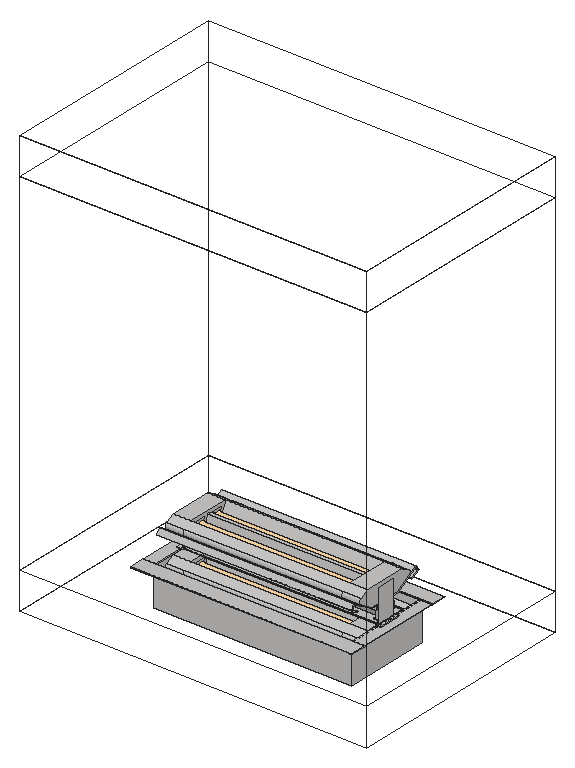
Revit family "Heater-BERKO-VRP_VRS_Series_Infrared", category Mechanical Equipment, host Face, Revit 2020
Family settings
  Host = Face
  Round Connector Dimension = Use Diameter
  Classification = None
  Part Type = Normal
  Cut with Voids When Loaded = No
  Shared = No
  Room Calculation Point = No
Parameters (values of type "VRS4 - 2 Bulbs - 017 kW - 208 V")
  Wire Guards = "Included or Not Included"  # constant formula
  Width = 1' - 7 7/8"
  Watts = 1700 W
  Voltage = 480 V
  Version = "2020 - v1.0b"  # constant formula
  Unit Finish = "Bronze, Brushed Stainless Steel or Custom"  # constant formula
  URL = "https://www.marleymep.com/"
  Total Heating Capacity = 5800.0 Btu/h
  To Floor Clearance = 7' - 0"  # constant formula
  Side Walls Clearance = 2' - 0"  # constant formula
  Reflection Angle = "30° Symmetrical, 60° Symmetrical, 60° Asymmetrical and 90° Symmetrical"  # constant formula
  Recessed Trim Mounting 3 Elements [instance] = no
  Recessed Trim Mounting 2 Elements [instance] = yes
  Recessed Trim Kit Finish = "Bronze, Brushed Stainless Steel, White or Custom"  # constant formula
  Recessed Trim Kit = "Included or Not Included"  # constant formula
  Product Page URL = "https://www.marleymep.com/products/berko/vrpvrs-series-infrared-heater"
  Product Name = "VRP/VRS Series - Infrared Heater"  # constant formula
  Product Generation = "C"  # constant formula
  Product Documentation Link = "https://www.marleymep.com/system/files/node/file/field-file/Submittal_VRP-VRS-RadiantHeat-B_2024-06_v2-PrintReady.pdf"
  Power Factor = 1  # constant formula
  Phase = 1  # constant formula
  Number of Poles = 1  # constant formula
  Mounting Bracket = "Wall Bracket, Tilt Bracket or Not Included"  # constant formula
  Model = "VRS4"
  Material [instance] = Metal - Stainless Steel - Bronze
  Manufacturer = "Marley® Engineered Products"  # constant formula
  Length = 3' - 10 3/8"
  Layout = "Custom"  # constant formula
  Instruction Sheet Link = "https://www.marleymep.com/system/files/node/file/field-file/5200-2475-000_2_0.pdf"
  Height = 0' - 8 17/32"
  Elements Type = "2 Elements"
  Description = "Infrared Heater"  # constant formula
  Default Elevation = 0' - 0 3/16"
  Copyright = "© 2015-2024, Marley Engineered Products"  # constant formula
  Clearance [instance] = yes
  Ceiling Clearance = 0' - 6"  # constant formula
  C_ 3 Element Recessed Trim Kit [instance] = Recessed Trim Mounting 3 Elements  # no
  C_ 2 Element Recessed Trim Kit [instance] = Recessed Trim Mounting 2 Elements  # yes
  Bulb Sleeves = "Included or Not Included"  # constant formula
  Bulb Quantity = 2
  Bulb Material = "Metal Sheath , Quartz Tube and Quartz Lamp"  # constant formula
  Brand = "QMark"  # constant formula
  Between Heaters Clearance = 3' - 0"  # constant formula
  Adjustable Tilt Mounting Bracket 3 Elements [instance] = no
  Adjustable Tilt Mounting Bracket 2 Elements [instance] = yes
  C_ 3 Element Type [instance] = Adjustable Tilt Mounting Bracket 3 Elements  # no
  C_ 2 Element Type [instance] = Adjustable Tilt Mounting Bracket 2 Elements  # yes
Reference planes (in)
  plane 1 "Center (Front/Back)": y = 0
  plane 2: z = 0
  plane 3 "Center (Left/Right)": x = 0
  plane 4: z = 0.1875
  plane 5: x = -23.1875
  plane 6: x = 23.1875
  plane 7: z = 0.1875
  plane 8: z = -8.53125
  plane 9: z = -9.15625
Forms (in)
  Extrusion 1, solid, material "Metal - Stainless Steel - Bronze", visible <- "C_ 2 Element Recessed Trim Kit"
    sketch origin (0, 0, -9.09073) x (1, 0, 0) y (0, 1, 0)
      loop
        line (-26.25, 13.78125) -> (-26.25, 10.0625) -> (26.25, 10.0625) -> (26.25, 13.78125) -> (-26.25, 13.78125)
      loop
        line (-26.25, -13.78125) -> (26.25, -13.78125) -> (26.25, -10.0625) -> (-26.25, -10.0625) -> (-26.25, -13.78125)
      loop
        line (-23.28125, 9.9375) -> (-26.25, 9.9375) -> (-26.25, -9.9375) -> (-23.28125, -9.9375) -> (-23.28125, 9.9375)
      loop
        line (23.28125, 9.9375) -> (23.28125, -9.9375) -> (26.25, -9.9375) -> (26.25, 9.9375) -> (23.28125, 9.9375)
    from 9.09073 to 9.27823
  Extrusion 2, solid, material "Metal - Stainless Steel - Bronze", visible <- "C_ 3 Element Recessed Trim Kit"
    sketch origin (0, 0, -9.21875) x (1, 0, 0) y (0, 1, 0)
      loop
        line (-23.3125, -12.3125) -> (-26.25, -12.3125) -> (-26.25, -17.375) -> (26.25, -17.375) -> (26.25, -12.3125) -> (23.3125, -12.3125) -> (-23.3125, -12.3125)
      loop
        line (-23.3125, 12.1875) -> (-26.25, 12.1875) -> (-26.25, -12.1875) -> (-23.3125, -12.1875) -> (-23.3125, 12.1875)
      loop
        line (23.3125, 12.3125) -> (26.25, 12.3125) -> (26.25, 17.375) -> (-26.25, 17.375) -> (-26.25, 12.3125) -> (-23.3125, 12.3125) -> (23.3125, 12.3125)
      loop
        line (23.3125, 12.1875) -> (23.3125, -12.1875) -> (26.25, -12.1875) -> (26.25, 12.1875) -> (23.3125, 12.1875)
    from 9.21875 to 9.34375
  Extrusion 3, solid, material "Metal - Stainless Steel - Bronze", visible <- "Adjustable Tilt Mounting Bracket 2 Elements"
    sketch origin (0, 0, 0) x (1, 0, 0) y (0, 1, 0)
      loop
        line (23.1875, -2.68191) -> (24.1875, -2.68191) -> (24.1875, 2.68191) -> (23.1875, 2.68191) -> (23.1875, -2.68191)
    from 0 to 0.1875
  Extrusion 4, solid, material "Metal - Stainless Steel - Bronze", visible <- "Adjustable Tilt Mounting Bracket 2 Elements"
    sketch origin (0, 0, 0) x (-1, 0, 0) y (0, -1, 0)
      loop
        line (23.1875, 2.68191) -> (23.1875, -2.68191) -> (24.1875, -2.68191) -> (24.1875, 2.68191) -> (23.1875, 2.68191)
    from 0 to 0.1875
  Extrusion 5, solid, material "Metal - Stainless Steel - Bronze", visible <- "Adjustable Tilt Mounting Bracket 2 Elements"
    sketch origin (0, 0, 0) x (1, 0, 0) y (0, 1, 0)
      loop
        line (-23.1875, 2.12959) -> (-23.1875, -2.12959) -> (23.1875, -2.12959) -> (23.1875, 2.12959) -> (-23.1875, 2.12959)
    from 0 to 0.1875
  Extrusion 6, solid, material "Metal - Stainless Steel - Bronze", visible <- "C_ 2 Element Recessed Trim Kit"
    sketch origin (0, 0, -18.30645) x (1, 0, 0) y (0, 1, 0)
      loop
        line (-23.28125, -10.0625) -> (23.28125, -10.0625) -> (23.28125, 10.0625) -> (-23.28125, 10.0625) -> (-23.28125, -10.0625)
      loop
        line (23.53125, 10.3125) -> (-23.53125, 10.3125) -> (-23.53125, -10.3125) -> (23.53125, -10.3125) -> (23.53125, 10.3125)
    from 9.21573 to 18.30645
  Extrusion 7, solid, material "Metal - Stainless Steel - Bronze", visible <- "C_ 3 Element Recessed Trim Kit"
    sketch origin (0, 0, -9.21875) x (1, 0, 0) y (0, 1, 0)
      loop
        line (-23.3125, 12.3125) -> (-23.3125, -12.3125) -> (23.3125, -12.3125) -> (23.3125, 12.3125) -> (-23.3125, 12.3125)
      loop
        line (-23.5625, 12.5625) -> (-23.5625, -12.5625) -> (23.5625, -12.5625) -> (23.5625, 12.5625) -> (-23.5625, 12.5625)
    from 0 to 9.21875
Dimensions and locks (in)
  "Length": plane 5 to plane 6
  equal spacing: plane 5, plane 3 "Center (Left/Right)", plane 6
  "Width": Extrusion 1 sketch curve to Extrusion 1 sketch curve  (x2)
  equal spacing: Extrusion 1 sketch curve, plane 1 "Center (Front/Back)", Extrusion 1 sketch curve  (x2)
  locked: plane 6 to Extrusion 3 at 1
  locked: Extrusion 4 to plane 5 at 1
  aligned and locked: plane 2 to host face
  aligned and locked: level to host face
  aligned and locked: Extrusion 3 to plane 6
  aligned and locked: Extrusion 4 to plane 5
  aligned and locked: plane 6 to Extrusion 5
  aligned and locked: plane 5 to Extrusion 5
  aligned and locked: Extrusion 5 to plane 4
  aligned and locked: Extrusion 6 to Extrusion 1
  aligned and locked: Extrusion 7 to Extrusion 2
  aligned and locked: Extrusion 1 to plane 4
Automatic sketch dimensions
  host sketch curve to host sketch curve = 8' - 0"  (x2)
  plane 5 to Extrusion 2 sketch curve = 0' - 3 1/16"  (x3)
  plane 5 to Extrusion 2 sketch curve = 0' - 0 1/8"  (x3)
  plane 6 to Extrusion 2 sketch curve = 0' - 0 1/8"  (x2)
  Extrusion 2 sketch curve to Extrusion 2 sketch curve = 0' - 0"  (x2)
  Extrusion 2 sketch curve to Extrusion 2 sketch curve = 0' - 2 15/16"
  plane 6 to Extrusion 2 sketch curve = 0' - 3 1/16"
  Extrusion 2 sketch curve to Extrusion 2 sketch curve = 0' - 0 1/8"  (x3)
  Extrusion 2 sketch curve to Extrusion 2 sketch curve = 0' - 5 1/16"  (x2)
  Extrusion 3 sketch curve to plane 6 = 0' - 0"
  plane 6 to Extrusion 3 sketch curve = 0' - 1"
  plane 1 "Center (Front/Back)" to Extrusion 3 sketch curve = 0' - 2.68191"
  Extrusion 4 sketch curve to plane 5 = 0' - 0"
  Extrusion 4 sketch curve to plane 5 = 0' - 1"
  Extrusion 4 sketch curve to plane 1 "Center (Front/Back)" = 0' - 2.68191"
  Extrusion 5 sketch curve to plane 5 = 0' - 0"
  plane 6 to Extrusion 5 sketch curve = 0' - 0"
  plane 1 "Center (Front/Back)" to Extrusion 5 sketch curve = 0' - 2.12959"
  plane 5 to Extrusion 6 sketch curve = 0' - 0 3/32"
  plane 6 to Extrusion 6 sketch curve = 0' - 0 3/32"
  Extrusion 6 sketch curve to Extrusion 6 sketch curve = 0' - 0 1/4"  (x4)
  plane 5 to Extrusion 7 sketch curve = 0' - 0 1/8"
  plane 6 to Extrusion 7 sketch curve = 0' - 0 1/8"
  Extrusion 7 sketch curve to Extrusion 7 sketch curve = 0' - 0 1/4"  (x4)
  plane 1 "Center (Front/Back)" to Extrusion 2 sketch curve = 1' - 0 3/16"
  plane 1 "Center (Front/Back)" to Extrusion 6 sketch curve = 0' - 10 1/16"
  plane 1 "Center (Front/Back)" to Extrusion 7 sketch curve = 1' - 0 5/16"
  Extrusion 2 sketch curve to plane 1 "Center (Front/Back)" = 1' - 0 3/16"  (x2)
  Extrusion 3 sketch curve to plane 1 "Center (Front/Back)" = 0' - 2.68191"
  plane 1 "Center (Front/Back)" to Extrusion 4 sketch curve = 0' - 2.68191"
  Extrusion 5 sketch curve to plane 1 "Center (Front/Back)" = 0' - 2.12959"
  Extrusion 6 sketch curve to plane 1 "Center (Front/Back)" = 0' - 10 1/16"
  Extrusion 7 sketch curve to plane 1 "Center (Front/Back)" = 1' - 0 5/16"
  plane 5 to Extrusion 1 sketch curve = 0' - 3 1/16"  (x2)
  Extrusion 1 sketch curve to Extrusion 1 sketch curve = 0' - 0"  (x2)
  plane 5 to Extrusion 1 sketch curve = 0' - 0 3/32"
  plane 6 to Extrusion 1 sketch curve = 0' - 0 3/32"
  plane 6 to Extrusion 1 sketch curve = 0' - 3 1/16"  (x2)
  Extrusion 1 sketch curve to Extrusion 1 sketch curve = 0' - 0 1/8"  (x2)
  Extrusion 1 sketch curve to Extrusion 1 sketch curve = 0' - 3 23/32"  (x2)
Nested families (in)
  nested 1: "Infrared_Heater-QMark-2_Element-Nested" at (0, 0, 0.1875), visible <- "C_ 2 Element Type", Clearance <- "Clearance", type "24""
    with Clearance yes, Length 3' - 10 3/8"
  nested 2: "Infrared_Heater-QMark-3_Element-Nested" at (0, 0, 0.1875), visible <- "C_ 3 Element Type", Clearance <- "Clearance", type "24""
    with Clearance yes, Length 3' - 10 3/8"
  nested 3: "Infrared_Heater-QMark-3_Element-Nested" at (0, 0, -9.15625), visible <- "C_ 3 Element Recessed Trim Kit", Clearance <- "Clearance", type "24""
    with Clearance yes, Length 3' - 10 3/8"
  nested 4: "Infrared_Heater-QMark-2_Element-Nested" at (0, 0, -8.53125), visible <- "C_ 2 Element Recessed Trim Kit", Clearance <- "Clearance", type "24""
    with Clearance yes, Length 3' - 10 3/8"
Definition of nested family "Infrared_Heater-QMark-2_Element-Nested"
  Parameters (values of type "24"")
    Material - Infrared Heater = none
    Material - Casing = none
    Material = none
    Length = 2' - 9 3/8"
    Height = 0' - 8 17/32"  # constant formula
    Depth = 1' - 7 7/8"  # constant formula
    Default Elevation = 4' - 0"
    Clearance [instance] = yes
  Reference planes (in)
    plane 1 "Center (Front/Back)": y = 0
    plane 2: z = 0
    plane 3 "Center (Left/Right)": x = 0
    plane 4: x = -16.6875
    plane 5: x = 16.6875
    plane 6: y = 9.9375
    plane 7: y = -9.9375
    plane 8: z = 8.53125
    plane 9: z = 92.53125
  Forms (in)
    Extrusion 1, solid
      sketch origin (0, 0, 0) x (1, 0, 0) y (0, 1, 0)
        loop
          line (-48, 48) -> (-48, -48) -> (48, -48) -> (48, 48) -> (-48, 48)
      from 0 to -12
    Extrusion 2, solid, material <- "Material - Casing"
      sketch origin (0, -314.04011, -34.80903) x (0, 1, 0) y (0, 0, 1)
        loop
          line (316.16969, 42.49653) -> (311.91052, 42.49653) -> (311.91052, 34.80903) -> (316.16969, 34.80903) -> (316.16969, 42.49653)
      from 16.5625 to 16.6875
    Extrusion 3, solid, material <- "Material - Casing"
      sketch origin (0, -314.04011, -34.80903) x (0, 1, 0) y (0, 0, -1)
        loop
          line (316.16969, -42.49653) -> (316.16969, -34.80903) -> (311.91052, -34.80903) -> (311.91052, -42.49653) -> (316.16969, -42.49653)
      from 16.5625 to 16.6875
    Extrusion 4, solid, material <- "Material - Casing", detail levels fine
      sketch origin (0, -314.04011, 42.53025) x (0, 1, 0) y (0, 0, 1)
        loop
          line (311.79898, -41.6486) -> (316.28123, -41.6486) -> (316.72202, -41.20781) -> (316.72202, -39.79341) -> (316.2914, -39.3628) -> (311.78881, -39.3628) -> (311.3582, -39.79341) -> (311.3582, -41.20781) -> (311.79898, -41.6486)
      from 16.4375 to 16.5625
    Extrusion 5, solid, material <- "Material - Casing", detail levels fine
      sketch origin (-5.8125, -314.04011, 42.53025) x (0, 1, 0) y (0, 0, -1)
        loop
          line (311.79898, 41.6486) -> (311.3582, 41.20781) -> (311.3582, 39.79341) -> (311.78881, 39.3628) -> (316.2914, 39.3628) -> (316.72202, 39.79341) -> (316.72202, 41.20781) -> (316.28123, 41.6486) -> (311.79898, 41.6486)
      from 10.625 to 10.75
    Extrusion 6, solid, material <- "Material - Casing", detail levels fine
      sketch origin (0, 0, -2.1608) x (1, 0, 0) y (0, 1, 0)
        loop
          line (16.4375, 2.2513) -> (15.6875, 2.2513) -> (15.6875, -2.2513) -> (16.4375, -2.2513) -> (16.4375, 2.2513)
      from 3.04245 to 3.16745
    Extrusion 7, solid, material <- "Material - Casing", detail levels fine
      sketch origin (0, 0, -2.1608) x (-1, 0, 0) y (0, -1, 0)
        loop
          line (16.4375, -2.2513) -> (16.4375, 2.2513) -> (15.6875, 2.2513) -> (15.6875, -2.2513) -> (16.4375, -2.2513)
      from 3.04245 to 3.16745
    Extrusion 8, solid, material <- "Material - Casing"
      sketch origin (0, -314.04011, 42.53025) x (0, 1, 0) y (0, 0, 1)
        loop
          line (312.28881, -39.3628) -> (312.28881, -40.1128) -> (312.94839, -41.4611) -> (315.13183, -41.4611) -> (315.7914, -40.1128) -> (315.7914, -39.3628) -> (312.28881, -39.3628)
      from -16.4375 to 16.4375
    Extrusion 9, solid, material <- "Material - Casing", detail levels fine
      sketch origin (0, -314.04011, 42.53025) x (0, 1, 0) y (0, 0, 1)
        loop
          line (310.25016, -38.43037) -> (317.83006, -38.43037) -> (323.24272, -35.30537) -> (323.79885, -36.26861) -> (322.0668, -37.26861) -> (322.1293, -37.37687) -> (323.9696, -36.31437) -> (323.28847, -35.13462) -> (317.79657, -38.30537) -> (310.28365, -38.30537) -> (304.79174, -35.13462) -> (304.11062, -36.31437) -> (305.95092, -37.37687) -> (306.01342, -37.26861) -> (304.28137, -36.26861) -> (304.8375, -35.30537) -> (310.25016, -38.43037)
      from -16.5625 to 16.5625
    Extrusion 10, solid, material <- "Material", detail levels fine
      sketch origin (0, 0, 0) x (1, 0, 0) y (0, 1, 0)
        loop
          circle (-14.0625, 0) r 0.75
      from 3.16745 to 4.09988
    Extrusion 11, solid, material <- "Material", detail levels fine
      sketch origin (0, 0, 0) x (-1, 0, 0) y (0, -1, 0)
        loop
          circle (-14.0625, 0) r 0.75
      from 3.16745 to 4.09988
    Extrusion 12, solid, material <- "Material - Casing", detail levels fine
      sketch origin (0, 314.04011, 42.53025) x (0, -1, 0) y (0, 0, -1)
        loop
          line (317.79657, 38.30537) -> (310.28365, 38.30537) -> (306.81955, 36.30537)
          arc (306.81955, 36.30537) -> (306.62587, 35.63658) -> (307.03661, 35.07437) r 0.7899
          line (307.03661, 35.07437) -> (308.9253, 33.93953) -> (310.33601, 36.52982)
          arc (310.33601, 36.52982) -> (311.74101, 37.45082) -> (313.14601, 36.52982) r 1.53219
          line (313.14601, 36.52982) -> (313.52763, 34.56657) -> (314.55258, 34.56657) -> (314.9342, 36.52982)
          arc (314.9342, 36.52982) -> (316.33921, 37.45082) -> (317.74421, 36.52982) r 1.53219
          line (317.74421, 36.52982) -> (319.15492, 33.93953) -> (321.04361, 35.07437)
          arc (321.04361, 35.07437) -> (321.45435, 35.63658) -> (321.26067, 36.30537) r 0.7899
          line (321.26067, 36.30537) -> (317.79657, 38.30537)
      from -12.34375 to 12.34375
    Extrusion 13, solid, material <- "Material - Casing", detail levels fine
      sketch origin (0, 314.04011, 42.53025) x (0, -1, 0) y (0, 0, -1)
        loop
          line (317.79657, 38.30537) -> (310.28365, 38.30537) -> (306.81955, 36.30537)
          arc (306.81955, 36.30537) -> (306.62587, 35.63658) -> (307.03661, 35.07437) r 0.7899
          line (307.03661, 35.07437) -> (308.9253, 33.93953) -> (319.15492, 33.93953) -> (321.04361, 35.07437)
          arc (321.04361, 35.07437) -> (321.45435, 35.63658) -> (321.26067, 36.30537) r 0.7899
          line (321.26067, 36.30537) -> (317.79657, 38.30537)
      from 12.34375 to 16.5625
    Extrusion 14, solid, material <- "Material - Casing", detail levels fine
      sketch origin (0, 314.04011, 42.53025) x (0, -1, 0) y (0, 0, 1)
        loop
          line (317.79657, -38.30537) -> (321.26067, -36.30537)
          arc (321.26067, -36.30537) -> (321.45435, -35.63658) -> (321.04361, -35.07437) r 0.7899
          line (321.04361, -35.07437) -> (319.15492, -33.93953) -> (308.9253, -33.93953) -> (307.03661, -35.07437)
          arc (307.03661, -35.07437) -> (306.62587, -35.63658) -> (306.81955, -36.30537) r 0.7899
          line (306.81955, -36.30537) -> (310.28365, -38.30537) -> (317.79657, -38.30537)
      from 12.34375 to 16.5625
    Extrusion 15, solid, material <- "Material - Casing", detail levels fine
      sketch origin (0, -484.85438, 11.63132) x (0, 1, 0) y (0, 0, 1)
        loop
          line (481.23273, -3.84586) -> (481.23273, -4.34586) -> (481.98273, -4.34586) -> (481.98273, -5.01339) -> (482.73273, -5.01339) -> (482.73273, -4.34586) -> (483.48273, -4.34586) -> (483.48273, -3.84586) -> (481.23273, -3.84586)
        loop
          line (488.33635, -3.84586) -> (486.08635, -3.84586) -> (486.08635, -4.34586) -> (486.83635, -4.34586) -> (486.83635, -5.01339) -> (487.58635, -5.01339) -> (487.58635, -4.34586) -> (488.33635, -4.34586) -> (488.33635, -3.84586)
      from 12.21875 to 12.34375
    Extrusion 16, solid, material <- "Material", detail levels fine
      sketch origin (0, -484.85438, 11.63132) x (0, 1, 0) y (0, 0, -1)
        loop
          line (481.23273, 3.84586) -> (483.48273, 3.84586) -> (483.48273, 4.34586) -> (482.73273, 4.34586) -> (482.73273, 5.01339) -> (481.98273, 5.01339) -> (481.98273, 4.34586) -> (481.23273, 4.34586) -> (481.23273, 3.84586)
        loop
          line (488.33635, 3.84586) -> (488.33635, 4.34586) -> (487.58635, 4.34586) -> (487.58635, 5.01339) -> (486.83635, 5.01339) -> (486.83635, 4.34586) -> (486.08635, 4.34586) -> (486.08635, 3.84586) -> (488.33635, 3.84586)
      from 12.21875 to 12.34375
    Extrusion 17, solid, material <- "Material - Infrared Heater"
      sketch origin (0, -484.85438, 11.63132) x (0, 1, 0) y (0, 0, 1)
        loop
          circle (482.35773, -5.01339) r 0.75
        loop
          circle (487.21135, -5.01339) r 0.75
      from -12.21875 to 12.21875
    Extrusion 18, solid, visible <- "Clearance"
      sketch origin (0, 0, 0) x (1, 0, 0) y (0, 1, 0)
        loop
          line (-34.6875, 27.9375) -> (-34.6875, -27.9375) -> (34.6875, -27.9375) -> (34.6875, 27.9375) -> (-34.6875, 27.9375)
      from 0 to 92.53125
    Extrusion 19, solid, material <- "Material - Casing", detail levels coarse+medium
      sketch origin (0, 0, 0) x (0, 1, 0) y (0, 0, 1)
        loop
          line (-5.11481, 8.59073) -> (-7.49638, 7.21573) -> (-7.49638, 6.38412) -> (-3.75646, 4.22488) -> (3.75646, 4.22488) -> (7.49638, 6.38412) -> (7.49638, 7.21573) -> (5.11481, 8.59073) -> (-5.11481, 8.59073)
      from -16.5625 to 16.5625
    Extrusion 20, void
      sketch origin (0, 0, 0) x (1, 0, 0) y (0, 1, 0)
        loop
          line (-12.34375, 5.11481) -> (-12.34375, 0.51248) -> (12.34375, 0.51248) -> (12.34375, 5.11481) -> (-12.34375, 5.11481)
      from 5.82635 to 8.59073
    Extrusion 21, void
      sketch origin (0, 0, 0) x (1, 0, 0) y (0, 1, 0)
        loop
          line (-12.34375, -5.11481) -> (12.34375, -5.11481) -> (12.34375, -0.51248) -> (-12.34375, -0.51248) -> (-12.34375, -5.11481)
      from 5.82635 to 8.59073
    Extrusion 22, solid, material <- "Material - Casing", detail levels coarse+medium
      sketch origin (0, 0, 0) x (0, 1, 0) y (0, 0, 1)
        loop
          line (-9.24836, 7.39563) -> (-9.31086, 7.28738) -> (-3.78995, 4.09988) -> (3.78995, 4.09988) -> (9.31086, 7.28738) -> (9.24836, 7.39563) -> (3.75646, 4.22488) -> (-3.75646, 4.22488) -> (-9.24836, 7.39563)
      from -16.5625 to 16.5625
  Cuts and joins
    joined: Extrusion 4, Extrusion 6
    joined: Extrusion 12, Extrusion 13, Extrusion 14
    Extrusion 20, Extrusion 21 cuts Extrusion 19
  Dimensions and locks (in)
    "Length": plane 4 to plane 5
    "Depth": plane 6 to plane 7
    "Height": plane 8 to Extrusion 1
    locked: Extrusion 2 to plane 5 at 0.125
    locked: plane 4 to Extrusion 3 at 0.125
    equal spacing: plane 4, plane 3 "Center (Left/Right)", plane 5
    locked: Extrusion 4 to Extrusion 4 at 0.125
    locked: Extrusion 6 to Extrusion 6 at 0.75
    locked: Extrusion 3 to Extrusion 5 at 0.125
    locked: Extrusion 5 to Extrusion 7 at 0.75
    locked: plane 4 to Extrusion 10 sketch curve at 2.625
    locked: Extrusion 11 sketch curve to plane 5 at 2.625
    locked: Extrusion 13 to plane 5 at 4.34375
    locked: plane 4 to Extrusion 14 at 4.34375
    locked: Extrusion 15 to cut or joined group of Extrusion 12, Extrusion 13, Extrusion 14 at 0.125
    locked: cut or joined group of Extrusion 12, Extrusion 13, Extrusion 14 to Extrusion 16 at 0.125
    locked: Extrusion 18 sketch curve to plane 4 at 18
    locked: plane 5 to Extrusion 18 sketch curve at 18
    locked: plane 4 to Extrusion 20 at 4.34375
    locked: Extrusion 20 to plane 5 at 4.34375
    locked: plane 4 to Extrusion 21 at 4.34375
    locked: Extrusion 21 to plane 5 at 4.34375
    aligned and locked: plane 2 to Extrusion 1
    aligned and locked: level to Extrusion 1
    aligned and locked: plane 5 to Extrusion 2
    aligned and locked: Extrusion 3 to plane 4
    aligned and locked: Extrusion 4 to Extrusion 2
    aligned and locked: Extrusion 5 to Extrusion 3
    aligned and locked: Extrusion 8 to cut or joined group of Extrusion 4, Extrusion 6
    aligned and locked: Extrusion 8 to Extrusion 5
    aligned and locked: Extrusion 9 to Extrusion 3
    aligned and locked: Extrusion 9 to Extrusion 2
    aligned and locked: Extrusion 5 to Extrusion 10
    aligned and locked: Extrusion 10 to Extrusion 9
    aligned and locked: Extrusion 13 to Extrusion 2
    aligned and locked: Extrusion 14 to Extrusion 3
    aligned and locked: Extrusion 12 to Extrusion 14
    aligned and locked: Extrusion 12 to Extrusion 13
    aligned and locked: Extrusion 15 to cut or joined group of Extrusion 12, Extrusion 13, Extrusion 14
    aligned and locked: Extrusion 16 to cut or joined group of Extrusion 12, Extrusion 13, Extrusion 14
    aligned and locked: Extrusion 17 to Extrusion 15
    aligned and locked: Extrusion 17 to Extrusion 16
    aligned and locked: Extrusion 18 to level
    aligned and locked: Extrusion 19 to Extrusion 2
    aligned and locked: Extrusion 19 to Extrusion 3
    aligned and locked: Extrusion 22 to Extrusion 2
    aligned and locked: Extrusion 22 to Extrusion 3
    aligned and locked: plane 9 to Extrusion 18
  Automatic sketch dimensions
    Extrusion 1 sketch curve to Extrusion 1 sketch curve = 8' - 0"  (x2)
    Extrusion 2 sketch curve to level = 0' - 0"
    Extrusion 2 sketch curve to plane 8 = 0' - 0 27/32"
    plane 1 "Center (Front/Back)" to Extrusion 2 sketch curve = 0' - 2.12959"
    Extrusion 2 sketch curve to plane 1 "Center (Front/Back)" = 0' - 2.12959"
    Extrusion 3 sketch curve to level = 0' - 0"
    Extrusion 3 sketch curve to plane 8 = 0' - 0 27/32"
    plane 1 "Center (Front/Back)" to Extrusion 3 sketch curve = 0' - 2.12959"
    Extrusion 3 sketch curve to plane 1 "Center (Front/Back)" = 0' - 2.12959"
    Extrusion 4 sketch curve to level = 0' - 1.32244"
    Extrusion 4 sketch curve to plane 1 "Center (Front/Back)" = 0' - 2.68191"
    Extrusion 4 sketch curve to Extrusion 4 sketch curve = 0' - 0.43061"  (x3)
    Extrusion 4 sketch curve to level = 0' - 0.88165"
    Extrusion 4 sketch curve to Extrusion 4 sketch curve = 0' - 0.44078"  (x2)
    plane 1 "Center (Front/Back)" to Extrusion 4 sketch curve = 0' - 2.24112"
    plane 1 "Center (Front/Back)" to Extrusion 4 sketch curve = 0' - 2.2513"
    Extrusion 4 sketch curve to Extrusion 4 sketch curve = 0' - 1.85519"
    Extrusion 4 sketch curve to Extrusion 4 sketch curve = 0' - 1.4144"
    level to Extrusion 5 sketch curve = 0' - 1.32244"
    plane 1 "Center (Front/Back)" to Extrusion 5 sketch curve = 0' - 2.68191"
    Extrusion 5 sketch curve to Extrusion 5 sketch curve = 0' - 0.43061"  (x3)
    level to Extrusion 5 sketch curve = 0' - 0.88165"
    Extrusion 5 sketch curve to Extrusion 5 sketch curve = 0' - 0.44078"  (x2)
    Extrusion 5 sketch curve to plane 1 "Center (Front/Back)" = 0' - 2.24112"
    Extrusion 5 sketch curve to plane 1 "Center (Front/Back)" = 0' - 2.2513"
    Extrusion 5 sketch curve to Extrusion 5 sketch curve = 0' - 1.85519"
    Extrusion 5 sketch curve to Extrusion 5 sketch curve = 0' - 1.4144"
    Extrusion 6 sketch curve to plane 5 = 0' - 1"
    Extrusion 6 sketch curve to plane 5 = 0' - 0 1/4"
    plane 1 "Center (Front/Back)" to Extrusion 6 sketch curve = 0' - 2.2513"
    Extrusion 6 sketch curve to plane 1 "Center (Front/Back)" = 0' - 2.2513"
    Extrusion 7 sketch curve to plane 4 = 0' - 1"
    Extrusion 7 sketch curve to plane 4 = 0' - 0 1/4"
    Extrusion 7 sketch curve to plane 1 "Center (Front/Back)" = 0' - 2.2513"
    plane 1 "Center (Front/Back)" to Extrusion 7 sketch curve = 0' - 2.2513"
    Extrusion 8 sketch curve to plane 1 "Center (Front/Back)" = 0' - 1.7513"
    Extrusion 8 sketch curve to plane 1 "Center (Front/Back)" = 0' - 1.09172"
    plane 1 "Center (Front/Back)" to Extrusion 8 sketch curve = 0' - 1.09172"
    Extrusion 8 sketch curve to Extrusion 8 sketch curve = 0' - 0.65957"
    Extrusion 8 sketch curve to level = 0' - 3.16745"
    Extrusion 8 sketch curve to Extrusion 8 sketch curve = 0' - 0 3/4"  (x2)
    Extrusion 8 sketch curve to level = 0' - 1.06915"
    plane 7 to Extrusion 9 sketch curve = 0' - 0.00801"
    Extrusion 9 sketch curve to Extrusion 9 sketch curve = 0' - 0.17075"  (x2)
    plane 7 to Extrusion 9 sketch curve = 0' - 0.68914"
    Extrusion 9 sketch curve to Extrusion 9 sketch curve = 0' - 0.04575"  (x2)
    plane 7 to Extrusion 9 sketch curve = 0' - 1.84831"
    Extrusion 9 sketch curve to Extrusion 9 sketch curve = 0' - 0 1/16"  (x2)
    Extrusion 9 sketch curve to plane 1 "Center (Front/Back)" = 0' - 3.78995"
    Extrusion 9 sketch curve to Extrusion 9 sketch curve = 0' - 0.03349"  (x2)
    plane 1 "Center (Front/Back)" to Extrusion 9 sketch curve = 0' - 3.75646"
    plane 6 to Extrusion 9 sketch curve = 0' - 1.91081"
    plane 6 to Extrusion 9 sketch curve = 0' - 0.73489"
    plane 6 to Extrusion 9 sketch curve = 0' - 0.17876"
    plane 6 to Extrusion 9 sketch curve = 0' - 0.00801"
    plane 8 to Extrusion 9 sketch curve = 0' - 1.13562"
    plane 1 "Center (Front/Back)" to Extrusion 10 sketch curve = 0' - 0"
    plane 1 "Center (Front/Back)" to Extrusion 11 sketch curve = 0' - 0"
    Extrusion 12 sketch curve to plane 6 = 0' - 2.71694"
    Extrusion 12 sketch curve to plane 8 = 0' - 1.07536"  (x2)
    Extrusion 12 sketch curve to Extrusion 12 sketch curve = 0' - 0.21706"
    Extrusion 12 sketch curve to Extrusion 12 sketch curve = 0' - 0.58423"  (x2)
    plane 8 to Extrusion 12 sketch curve = 0' - 0.05948"  (x2)
    Extrusion 12 sketch curve to Extrusion 12 sketch curve = 0' - 1.88869"
    Extrusion 12 sketch curve to plane 1 "Center (Front/Back)" = 0' - 3.75646"
    Extrusion 12 sketch curve to Extrusion 12 sketch curve = 0' - 0.05236"  (x2)
    Extrusion 12 sketch curve to Extrusion 12 sketch curve = 0' - 1.405"  (x3)
    Extrusion 12 sketch curve to plane 1 "Center (Front/Back)" = 0' - 0.89409"
    Extrusion 12 sketch curve to plane 1 "Center (Front/Back)" = 0' - 0.51248"
    plane 1 "Center (Front/Back)" to Extrusion 12 sketch curve = 0' - 0.51248"
    plane 1 "Center (Front/Back)" to Extrusion 12 sketch curve = 0' - 0.89409"
    Extrusion 12 sketch curve to plane 8 = 0' - 2.53082"
    Extrusion 12 sketch curve to Extrusion 12 sketch curve = 0' - 1.41071"
    Extrusion 12 sketch curve to Extrusion 12 sketch curve = 0' - 1.52152"
    Extrusion 12 sketch curve to Extrusion 12 sketch curve = 0' - 0.36717"
    Extrusion 12 sketch curve to plane 8 = 0' - 0.56757"
    Extrusion 12 sketch curve to Extrusion 12 sketch curve = 0' - 0.69938"  (x2)
    Extrusion 12 sketch curve to plane 8 = 0' - 1.91963"
    Extrusion 12 sketch curve to Extrusion 12 sketch curve = 0' - 0.61119"  (x2)
    Extrusion 12 sketch curve to Extrusion 12 sketch curve = 0' - 1.77555"
    Extrusion 13 sketch curve to plane 6 = 0' - 2.71694"
    Extrusion 13 sketch curve to plane 8 = 0' - 1.07536"  (x2)
    Extrusion 13 sketch curve to Extrusion 13 sketch curve = 0' - 0.21706"
    Extrusion 13 sketch curve to Extrusion 13 sketch curve = 0' - 0.58423"  (x2)
    plane 8 to Extrusion 13 sketch curve = 0' - 0.05948"
    Extrusion 13 sketch curve to Extrusion 13 sketch curve = 0' - 1.88869"
    Extrusion 13 sketch curve to plane 1 "Center (Front/Back)" = 0' - 3.75646"
    plane 1 "Center (Front/Back)" to Extrusion 13 sketch curve = 0' - 3.75646"
    Extrusion 13 sketch curve to Extrusion 13 sketch curve = 0' - 1.35835"
    Extrusion 13 sketch curve to Extrusion 13 sketch curve = 0' - 1.52152"
    Extrusion 13 sketch curve to Extrusion 13 sketch curve = 0' - 0.36717"
    Extrusion 13 sketch curve to Extrusion 13 sketch curve = 0' - 0.69938"  (x2)
    Extrusion 13 sketch curve to Extrusion 13 sketch curve = 0' - 2.53163"
    Extrusion 14 sketch curve to plane 6 = 0' - 2.71694"
    Extrusion 14 sketch curve to plane 8 = 0' - 1.07536"  (x2)
    Extrusion 14 sketch curve to Extrusion 14 sketch curve = 0' - 0.21706"
    Extrusion 14 sketch curve to Extrusion 14 sketch curve = 0' - 0.58423"  (x2)
    plane 8 to Extrusion 14 sketch curve = 0' - 0.05948"
    Extrusion 14 sketch curve to Extrusion 14 sketch curve = 0' - 1.88869"
    Extrusion 14 sketch curve to plane 1 "Center (Front/Back)" = 0' - 3.75646"
    plane 1 "Center (Front/Back)" to Extrusion 14 sketch curve = 0' - 3.75646"
    Extrusion 14 sketch curve to Extrusion 14 sketch curve = 0' - 1.35835"
    Extrusion 14 sketch curve to Extrusion 14 sketch curve = 0' - 1.52152"
    Extrusion 14 sketch curve to Extrusion 14 sketch curve = 0' - 0.36717"
    Extrusion 14 sketch curve to Extrusion 14 sketch curve = 0' - 0.69938"  (x2)
    Extrusion 14 sketch curve to Extrusion 14 sketch curve = 0' - 2.53163"
    Extrusion 15 sketch curve to plane 8 = 0' - 1.24579"
    plane 1 "Center (Front/Back)" to Extrusion 15 sketch curve = 0' - 3.62165"
    Extrusion 15 sketch curve to Extrusion 15 sketch curve = 0' - 0 3/4"  (x6)
    Extrusion 15 sketch curve to plane 1 "Center (Front/Back)" = 0' - 1.23197"
    Extrusion 15 sketch curve to plane 8 = 0' - 1.91332"
    Extrusion 15 sketch curve to Extrusion 15 sketch curve = 0' - 0.66753"  (x4)
    Extrusion 15 sketch curve to Extrusion 15 sketch curve = 0' - 0 1/2"  (x2)
    Extrusion 16 sketch curve to plane 8 = 0' - 1.24579"
    plane 1 "Center (Front/Back)" to Extrusion 16 sketch curve = 0' - 3.62165"
    Extrusion 16 sketch curve to Extrusion 16 sketch curve = 0' - 0 3/4"  (x6)
    Extrusion 16 sketch curve to plane 1 "Center (Front/Back)" = 0' - 1.23197"
    Extrusion 16 sketch curve to plane 8 = 0' - 0.74579"
    Extrusion 16 sketch curve to Extrusion 16 sketch curve = 0' - 0 1/2"  (x2)
    Extrusion 16 sketch curve to Extrusion 16 sketch curve = 0' - 0"  (x2)
    Extrusion 16 sketch curve to Extrusion 16 sketch curve = 0' - 0.66753"  (x2)
    plane 1 "Center (Front/Back)" to Extrusion 17 sketch curve = 0' - 2.49665"
    Extrusion 17 sketch curve to plane 1 "Center (Front/Back)" = 0' - 2.35697"
    Extrusion 17 sketch curve to plane 8 = 0' - 1.91332"  (x2)
    plane 7 to Extrusion 18 sketch curve = 1' - 6"
    plane 6 to Extrusion 18 sketch curve = 1' - 6"
    Extrusion 19 sketch curve to plane 7 = 0' - 2.44112"
    plane 8 to Extrusion 19 sketch curve = 0' - 0.05948"
    Extrusion 19 sketch curve to Extrusion 19 sketch curve = 0' - 2.38157"
    plane 1 "Center (Front/Back)" to Extrusion 19 sketch curve = 0' - 3.75646"
    Extrusion 19 sketch curve to plane 1 "Center (Front/Back)" = 0' - 3.75646"
    Extrusion 19 sketch curve to Extrusion 19 sketch curve = 0' - 1.35835"
    Extrusion 19 sketch curve to plane 6 = 0' - 2.44112"
    Extrusion 19 sketch curve to plane 8 = 0' - 1.31552"  (x2)
    Extrusion 19 sketch curve to Extrusion 19 sketch curve = 0' - 0.8316"  (x2)
    level to Extrusion 19 sketch curve = 0' - 4.22488"
    Extrusion 20 sketch curve to plane 1 "Center (Front/Back)" = 0' - 0.51248"
    plane 4 to Extrusion 20 sketch curve = 0' - 4 11/32"
    Extrusion 20 sketch curve to plane 5 = 0' - 4 11/32"
    Extrusion 20 sketch curve to Extrusion 20 sketch curve = 0' - 4.60234"
    Extrusion 21 sketch curve to plane 1 "Center (Front/Back)" = 0' - 0.51248"
    Extrusion 21 sketch curve to plane 4 = 0' - 4 11/32"
    plane 5 to Extrusion 21 sketch curve = 0' - 4 11/32"
    Extrusion 21 sketch curve to Extrusion 21 sketch curve = 0' - 4.60234"
    Extrusion 22 sketch curve to plane 7 = 0' - 0.62664"
    Extrusion 22 sketch curve to Extrusion 22 sketch curve = 0' - 0 1/16"  (x2)
    Extrusion 22 sketch curve to plane 1 "Center (Front/Back)" = 0' - 3.75646"
    Extrusion 22 sketch curve to plane 6 = 0' - 0.68914"
    level to Extrusion 22 sketch curve = 0' - 4.22488"
    Extrusion 22 sketch curve to plane 8 = 0' - 1.24387"  (x2)
    Extrusion 22 sketch curve to Extrusion 22 sketch curve = 0' - 0.03349"  (x2)
    radius of Extrusion 10 sketch curve = 0' - 0 3/4"
    radius of Extrusion 11 sketch curve = 0' - 0 3/4"
    radius of Extrusion 17 sketch curve = 0' - 0 3/4"  (x2)
Definition of nested family "Infrared_Heater-QMark-3_Element-Nested"
  Parameters (values of type "24"")
    Material - Infrared Heater = none
    Material - Casing = none
    Material = none
    Length = 2' - 9 3/8"
    Height = 0' - 9 5/32"  # constant formula
    Depth = 2' - 2 5/16"  # constant formula
    Default Elevation = 4' - 0"
    Clearance [instance] = yes
  Reference planes (in)
    plane 1 "Center (Front/Back)": y = 0
    plane 2: z = 0
    plane 3 "Center (Left/Right)": x = 0
    plane 4: x = 16.6875
    plane 5: x = -16.6875
    plane 6: y = 13.15625
    plane 7: y = -13.15625
    plane 8: z = 9.15625
    plane 9: y = -2.0665
    plane 10: y = 2.0665
    plane 11: z = 93.15625
  Forms (in)
    Extrusion 1, solid
      sketch origin (0, 0, 0) x (1, 0, 0) y (0, 1, 0)
        loop
          line (-48, 48) -> (-48, -48) -> (48, -48) -> (48, 48) -> (-48, 48)
      from 0 to -12
    Extrusion 2, solid, material <- "Material - Casing"
      sketch origin (0, -367.12164, -178.21445) x (0, 1, 0) y (0, 0, 1)
        loop
          line (369.12164, 185.71445) -> (365.12164, 185.71445) -> (365.12164, 178.21445) -> (369.12164, 178.21445) -> (369.12164, 185.71445)
      from 16.5625 to 16.6875
    Extrusion 3, solid, material <- "Material - Casing"
      sketch origin (0, -367.12164, -178.21445) x (0, 1, 0) y (0, 0, -1)
        loop
          line (369.12164, -185.71445) -> (369.12164, -178.21445) -> (365.12164, -178.21445) -> (365.12164, -185.71445) -> (369.12164, -185.71445)
      from 16.5625 to 16.6875
    Extrusion 4, solid, material <- "Material - Casing", detail levels fine
      sketch origin (0, -367.12164, 185.71445) x (0, 1, 0) y (0, 0, 1)
        loop
          line (365.05515, -185.03415) -> (369.18814, -185.03415) -> (369.61581, -184.60647) -> (369.61581, -183.37806)
          arc (369.61581, -183.37806) -> (369.47108, -183.02863) -> (369.12164, -182.88389) r 0.49417
          line (369.12164, -182.88389) -> (365.12164, -182.88389)
          arc (365.12164, -182.88389) -> (364.77221, -183.02863) -> (364.62747, -183.37806) r 0.49417
          line (364.62747, -183.37806) -> (364.62747, -184.60647) -> (365.05515, -185.03415)
      from 16.4375 to 16.5625
    Extrusion 5, solid, material <- "Material - Casing", detail levels fine
      sketch origin (0, -367.12164, 185.71445) x (0, 1, 0) y (0, 0, -1)
        loop
          line (365.05515, 185.03415) -> (364.62747, 184.60647) -> (364.62747, 183.40212)
          arc (364.62747, 183.40212) -> (364.77221, 183.05269) -> (365.12164, 182.90795) r 0.49417
          line (365.12164, 182.90795) -> (369.12164, 182.90795)
          arc (369.12164, 182.90795) -> (369.47108, 183.05269) -> (369.61581, 183.40212) r 0.49417
          line (369.61581, 183.40212) -> (369.61581, 184.60647) -> (369.18814, 185.03415) -> (365.05515, 185.03415)
      from 16.4375 to 16.5625
    Extrusion 6, solid, material <- "Material - Casing", detail levels fine
      sketch origin (0, 0, 0) x (1, 0, 0) y (0, 0, 1)
        loop
          line (-16.4375, 0.6803) -> (-15.6875, 0.6803) -> (-15.6875, 0.8053) -> (-16.4375, 0.8053) -> (-16.4375, 0.6803)
      from -2.0665 to 2.0665
    Extrusion 7, solid, material <- "Material - Casing", detail levels fine
      sketch origin (0.19948, 0, 0) x (-1, 0, 0) y (0, 0, -1)
        loop
          line (-16.23802, -0.6803) -> (-16.23802, -0.8053) -> (-15.48802, -0.8053) -> (-15.48802, -0.6803) -> (-16.23802, -0.6803)
      from -2.0665 to 2.0665
    Extrusion 8, solid, material <- "Material - Casing"
      sketch origin (0, -367.12164, 185.71445) x (0, 1, 0) y (0, 0, 1)
        loop
          line (365.62164, -182.90795) -> (365.62164, -183.90795) -> (366.37164, -185.0582) -> (367.87164, -185.0582) -> (368.62164, -183.90795) -> (368.62164, -182.90795) -> (365.62164, -182.90795)
      from -16.4375 to 16.4375
    Extrusion 9, solid, material <- "Material - Casing", detail levels fine
      sketch origin (0, -367.12164, 185.71445) x (0, 1, 0) y (0, 0, 1)
        loop
          line (360.40539, -181.20637) -> (355.55558, -178.29231) -> (354.93414, -179.32655) -> (356.64848, -180.35663) -> (356.71286, -180.24948) -> (355.10567, -179.28378) -> (355.59835, -178.46383) -> (360.37073, -181.33137) -> (373.87256, -181.33137) -> (378.64494, -178.46383) -> (379.13762, -179.28378) -> (377.53043, -180.24948) -> (377.59481, -180.35663) -> (379.30914, -179.32655) -> (378.68771, -178.29231) -> (373.83789, -181.20637) -> (360.40539, -181.20637)
      from -16.5625 to 16.5625
    Extrusion 10, solid, material <- "Material", detail levels fine
      sketch origin (0, 0, 0) x (1, 0, 0) y (0, 1, 0)
        loop
          circle (-13.5625, 0) r 0.75
        loop
          circle (13.5625, 0) r 0.75
      from 2.8065 to 4.38308
    Extrusion 11, solid, material <- "Material - Casing", detail levels fine
      sketch origin (0, -367.12164, 185.71445) x (0, 1, 0) y (0, 0, 1)
        loop
          line (360.62164, -181.20637) -> (373.62164, -181.20637) -> (376.7675, -179.31615)
          arc (376.7675, -179.31615) -> (377.15343, -178.63401) -> (376.7675, -177.95187) r 0.7958
          line (376.7675, -177.95187) -> (374.44804, -176.5582) -> (359.79525, -176.5582) -> (357.47579, -177.95187)
          arc (357.47579, -177.95187) -> (357.08985, -178.63401) -> (357.47579, -179.31615) r 0.7958
          line (357.47579, -179.31615) -> (360.62164, -181.20637)
      from 13 to 16.5625
    Extrusion 12, solid, material <- "Material - Casing", detail levels fine
      sketch origin (0, -367.12164, 185.71445) x (0, 1, 0) y (0, 0, -1)
        loop
          line (360.62164, 181.20637) -> (357.47579, 179.31615)
          arc (357.47579, 179.31615) -> (357.08985, 178.63401) -> (357.47579, 177.95187) r 0.7958
          line (357.47579, 177.95187) -> (359.79525, 176.5582) -> (374.44804, 176.5582) -> (376.7675, 177.95187)
          arc (376.7675, 177.95187) -> (377.15343, 178.63401) -> (376.7675, 179.31615) r 0.7958
          line (376.7675, 179.31615) -> (373.62164, 181.20637) -> (360.62164, 181.20637)
      from 13 to 16.5625
    Extrusion 13, solid, material <- "Material - Casing", detail levels fine
      sketch origin (0, 367.12164, 185.71445) x (0, -1, 0) y (0, 0, -1)
        loop
          line (360.62164, 181.20637) -> (357.47579, 179.31615)
          arc (357.47579, 179.31615) -> (357.08985, 178.63401) -> (357.47579, 177.95187) r 0.7958
          line (357.47579, 177.95187) -> (359.79525, 176.5582) -> (360.91377, 179.07045)
          arc (360.91377, 179.07045) -> (362.32203, 180.03424) -> (363.81687, 179.21113) r 1.62777
          line (363.81687, 179.21113) -> (364.09522, 177.23059) -> (365.09522, 177.23059) -> (365.78851, 179.03668)
          arc (365.78851, 179.03668) -> (367.12164, 180.10528) -> (368.45478, 179.03668) r 1.36588
          line (368.45478, 179.03668) -> (369.14807, 177.23059) -> (370.14807, 177.23059) -> (370.42642, 179.21113)
          arc (370.42642, 179.21113) -> (371.92126, 180.03424) -> (373.32951, 179.07045) r 1.62777
          line (373.32951, 179.07045) -> (374.44804, 176.5582) -> (376.7675, 177.95187)
          arc (376.7675, 177.95187) -> (377.15343, 178.63401) -> (376.7675, 179.31615) r 0.7958
          line (376.7675, 179.31615) -> (373.62164, 181.20637) -> (360.62164, 181.20637)
      from -13 to 13
    Extrusion 14, solid, material <- "Material", detail levels fine
      sketch origin (0, -459.50013, -133.64295) x (0, 1, 0) y (0, 0, 1)
        loop
          line (453.61455, 141.98646) -> (453.61455, 141.42346) -> (454.40999, 141.42346) -> (454.40999, 140.78815) -> (455.06596, 140.78815) -> (455.06596, 141.42346) -> (455.79941, 141.42346) -> (455.79941, 141.98646) -> (453.61455, 141.98646)
        loop
          line (458.3958, 141.98646) -> (458.3958, 141.42346) -> (459.19124, 141.42346) -> (459.19124, 140.78815) -> (459.84721, 140.78815) -> (459.84721, 141.42346) -> (460.58066, 141.42346) -> (460.58066, 141.98646) -> (458.3958, 141.98646)
        loop
          line (465.48691, 141.98646) -> (463.30205, 141.98646) -> (463.30205, 141.42346) -> (464.03551, 141.42346) -> (464.03551, 140.78815) -> (464.69148, 140.78815) -> (464.69148, 141.42346) -> (465.48691, 141.42346) -> (465.48691, 141.98646)
      from 12.875 to 13
    Extrusion 15, solid, material <- "Material", detail levels fine
      sketch origin (0, -459.50013, -133.64295) x (0, 1, 0) y (0, 0, -1)
        loop
          line (453.61455, -141.98646) -> (455.79941, -141.98646) -> (455.79941, -141.42346) -> (455.06596, -141.42346) -> (455.06596, -140.78815) -> (454.40999, -140.78815) -> (454.40999, -141.42346) -> (453.61455, -141.42346) -> (453.61455, -141.98646)
        loop
          line (458.3958, -141.98646) -> (460.58066, -141.98646) -> (460.58066, -141.42346) -> (459.84721, -141.42346) -> (459.84721, -140.78815) -> (459.19124, -140.78815) -> (459.19124, -141.42346) -> (458.3958, -141.42346) -> (458.3958, -141.98646)
        loop
          line (465.48691, -141.98646) -> (465.48691, -141.42346) -> (464.69148, -141.42346) -> (464.69148, -140.78815) -> (464.03551, -140.78815) -> (464.03551, -141.42346) -> (463.30205, -141.42346) -> (463.30205, -141.98646) -> (465.48691, -141.98646)
      from 12.875 to 13
    Extrusion 16, solid, material <- "Material - Infrared Heater"
      sketch origin (0, -459.50013, -133.64295) x (0, 1, 0) y (0, 0, 1)
        loop
          circle (454.73797, 140.78815) r 1
        loop
          circle (459.51922, 140.78815) r 1
        loop
          circle (464.36349, 140.78815) r 1
      from -12.875 to 12.875
    Extrusion 17, solid, visible <- "Clearance"
      sketch origin (0, 0, 0) x (1, 0, 0) y (0, 1, 0)
        loop
          line (34.6875, 30.1875) -> (-34.6875, 30.1875) -> (-34.6875, -30.1875) -> (34.6875, -30.1875) -> (34.6875, 30.1875)
      from 0 to 93.15625
    Extrusion 18, solid, material <- "Material - Casing", detail levels coarse+medium
      sketch origin (0, 0, 0) x (0, 1, 0) y (0, 0, 1)
        loop
          line (-7.3264, 9.15625) -> (-9.64585, 7.76258) -> (-9.64585, 6.3983) -> (-6.5, 4.50808) -> (6.5, 4.50808) -> (9.64585, 6.3983) -> (9.64585, 7.76258) -> (7.3264, 9.15625) -> (-7.3264, 9.15625)
      from -16.5625 to 16.5625
    Extrusion 19, void
      sketch origin (0, 0, 0) x (1, 0, 0) y (0, 1, 0)
        loop
          line (-13, 7.3264) -> (-13, 3.02643) -> (13, 3.02643) -> (13, 7.3264) -> (-13, 7.3264)
        loop
          line (-13, 2.02643) -> (-13, -1.33314) -> (13, -1.33314) -> (13, 2.02643) -> (-13, 2.02643)
        loop
          line (-13, -7.3264) -> (13, -7.3264) -> (13, -3.02643) -> (-13, -3.02643) -> (-13, -7.3264)
      from 0 to 12
    Extrusion 20, solid, material <- "Material - Casing", detail levels coarse+medium
      sketch origin (0, 0, 0) x (0, 1, 0) y (0, 0, 1)
        loop
          line (-11.56606, 7.42214) -> (-11.63044, 7.315) -> (-6.75092, 4.38308) -> (6.75092, 4.38308) -> (11.63044, 7.315) -> (11.56606, 7.42214) -> (6.71625, 4.50808) -> (-6.71625, 4.50808) -> (-11.56606, 7.42214)
      from -16.5625 to 16.5625
  Cuts and joins
    joined: Extrusion 5, Extrusion 6
    joined: Extrusion 4, Extrusion 7
    joined: Extrusion 11, Extrusion 12, Extrusion 13
    Extrusion 19 cuts Extrusion 18
  Dimensions and locks (in)
    "Length": plane 5 to plane 4
    "Depth": plane 6 to plane 7
    "Height": plane 8 to Extrusion 1
    locked: Extrusion 2 to plane 4 at 0.125
    locked: plane 5 to Extrusion 3 at 0.125
    equal spacing: plane 5, plane 3 "Center (Left/Right)", plane 4
    locked: Extrusion 4 to Extrusion 2 at 0.125
    locked: Extrusion 3 to Extrusion 5 at 0.125
    locked: plane 5 to Extrusion 6 at 1
    locked: Extrusion 7 to plane 4 at 1
    locked: plane 5 to Extrusion 10 sketch curve at 3.125
    locked: Extrusion 10 sketch curve to plane 4 at 3.125
    locked: Extrusion 11 to plane 4 at 3.6875
    locked: plane 5 to Extrusion 12 at 3.6875
    locked: Extrusion 14 to cut or joined group of Extrusion 11, Extrusion 12, Extrusion 13 at 0.125
    locked: cut or joined group of Extrusion 11, Extrusion 12, Extrusion 13 to Extrusion 15 at 0.125
    locked: Extrusion 17 sketch curve to plane 5 at 18
    locked: plane 4 to Extrusion 17 sketch curve at 18
    locked: plane 5 to Extrusion 19 at 3.6875
    locked: Extrusion 19 to plane 4 at 3.6875
    aligned and locked: plane 2 to Extrusion 1
    aligned and locked: level to Extrusion 1
    aligned and locked: plane 4 to Extrusion 2
    aligned and locked: plane 5 to Extrusion 3
    aligned and locked: Extrusion 4 to Extrusion 2
    aligned and locked: Extrusion 5 to Extrusion 3
    aligned and locked: Extrusion 6 to Extrusion 5
    aligned and locked: Extrusion 7 to Extrusion 4
    aligned and locked: Extrusion 8 to cut or joined group of Extrusion 4, Extrusion 7
    aligned and locked: Extrusion 8 to cut or joined group of Extrusion 5, Extrusion 6
    aligned and locked: Extrusion 9 to Extrusion 2
    aligned and locked: Extrusion 9 to Extrusion 3
    aligned and locked: cut or joined group of Extrusion 5, Extrusion 6 to Extrusion 10
    aligned and locked: Extrusion 11 to Extrusion 2
    aligned and locked: Extrusion 12 to Extrusion 3
    aligned and locked: Extrusion 13 to Extrusion 11
    aligned and locked: Extrusion 13 to Extrusion 12
    aligned and locked: Extrusion 14 to cut or joined group of Extrusion 11, Extrusion 12, Extrusion 13
    aligned and locked: Extrusion 15 to cut or joined group of Extrusion 11, Extrusion 12, Extrusion 13
    aligned and locked: Extrusion 16 to Extrusion 14
    aligned and locked: Extrusion 16 to Extrusion 15
    aligned and locked: Extrusion 10 to Extrusion 8
    aligned and locked: Extrusion 17 to level
    aligned and locked: Extrusion 18 to Extrusion 2
    aligned and locked: Extrusion 18 to Extrusion 3
    aligned and locked: Extrusion 20 to Extrusion 2
    aligned and locked: Extrusion 20 to Extrusion 3
    aligned and locked: plane 11 to Extrusion 17
  Automatic sketch dimensions
    Extrusion 1 sketch curve to Extrusion 1 sketch curve = 8' - 0"  (x2)
    Extrusion 2 sketch curve to level = 0' - 0"
    Extrusion 2 sketch curve to plane 9 = 0' - 0.0665"
    Extrusion 2 sketch curve to plane 10 = 0' - 0.0665"
    Extrusion 2 sketch curve to plane 8 = 0' - 1 21/32"
    Extrusion 3 sketch curve to level = 0' - 0"
    Extrusion 3 sketch curve to plane 9 = 0' - 0.0665"
    Extrusion 3 sketch curve to plane 10 = 0' - 0.0665"
    Extrusion 3 sketch curve to plane 8 = 0' - 1 21/32"
    Extrusion 4 sketch curve to plane 9 = 0' - 0"
    Extrusion 4 sketch curve to plane 10 = 0' - 0"
    Extrusion 4 sketch curve to plane 9 = 0' - 0.42767"
    plane 9 to Extrusion 4 sketch curve = 0' - 0.0665"
    plane 10 to Extrusion 4 sketch curve = 0' - 0.0665"
    Extrusion 4 sketch curve to plane 10 = 0' - 0.42767"
    Extrusion 4 sketch curve to level = 0' - 2.83056"
    Extrusion 4 sketch curve to level = 0' - 1.10798"  (x2)
    Extrusion 4 sketch curve to Extrusion 4 sketch curve = 0' - 0.42767"
    Extrusion 5 sketch curve to plane 9 = 0' - 0"
    Extrusion 5 sketch curve to plane 10 = 0' - 0"
    plane 9 to Extrusion 5 sketch curve = 0' - 0.42767"
    Extrusion 5 sketch curve to plane 9 = 0' - 0.0665"
    Extrusion 5 sketch curve to plane 10 = 0' - 0.0665"
    plane 10 to Extrusion 5 sketch curve = 0' - 0.42767"
    level to Extrusion 5 sketch curve = 0' - 2.8065"
    level to Extrusion 5 sketch curve = 0' - 1.10798"  (x2)
    Extrusion 5 sketch curve to Extrusion 5 sketch curve = 0' - 0.42767"
    Extrusion 6 sketch curve to plane 5 = 0' - 0 1/4"
    Extrusion 6 sketch curve to Extrusion 6 sketch curve = 0' - 0 3/4"
    level to Extrusion 6 sketch curve = 0' - 0.6803"
    Extrusion 6 sketch curve to Extrusion 6 sketch curve = 0' - 0 1/8"
    plane 4 to Extrusion 7 sketch curve = 0' - 0 1/4"
    Extrusion 7 sketch curve to Extrusion 7 sketch curve = 0' - 0 3/4"
    Extrusion 7 sketch curve to level = 0' - 0.6803"
    Extrusion 7 sketch curve to Extrusion 7 sketch curve = 0' - 0 1/8"
    plane 9 to Extrusion 8 sketch curve = 0' - 0.5665"
    Extrusion 8 sketch curve to plane 1 "Center (Front/Back)" = 0' - 0 3/4"
    plane 1 "Center (Front/Back)" to Extrusion 8 sketch curve = 0' - 0 3/4"
    plane 10 to Extrusion 8 sketch curve = 0' - 0.5665"
    Extrusion 8 sketch curve to level = 0' - 2.8065"
    Extrusion 8 sketch curve to Extrusion 8 sketch curve = 0' - 1"  (x2)
    Extrusion 8 sketch curve to level = 0' - 0 21/32"
    plane 7 to Extrusion 9 sketch curve = 0' - 0 31/32"
    Extrusion 9 sketch curve to Extrusion 9 sketch curve = 0' - 0.17153"  (x3)
    Extrusion 9 sketch curve to Extrusion 9 sketch curve = 0' - 0.44991"
    Extrusion 9 sketch curve to Extrusion 9 sketch curve = 0' - 0.04277"  (x2)
    Extrusion 9 sketch curve to Extrusion 9 sketch curve = 0' - 1.54281"
    Extrusion 9 sketch curve to Extrusion 9 sketch curve = 0' - 0.06438"  (x2)
    Extrusion 9 sketch curve to Extrusion 9 sketch curve = 0' - 3.65787"
    Extrusion 9 sketch curve to Extrusion 9 sketch curve = 0' - 0.03467"  (x2)
    Extrusion 9 sketch curve to plane 10 = 0' - 4.64975"
    plane 6 to Extrusion 9 sketch curve = 0' - 2.74746"
    plane 6 to Extrusion 9 sketch curve = 0' - 1.63295"
    Extrusion 9 sketch curve to Extrusion 9 sketch curve = 0' - 0.49268"
    plane 8 to Extrusion 9 sketch curve = 0' - 1.73411"
    plane 1 "Center (Front/Back)" to Extrusion 10 sketch curve = 0' - 0"  (x2)
    Extrusion 11 sketch curve to plane 8 = 0' - 0"
    plane 8 to Extrusion 11 sketch curve = 0' - 1.39367"  (x2)
    plane 7 to Extrusion 11 sketch curve = 0' - 3.5104"
    Extrusion 11 sketch curve to Extrusion 11 sketch curve = 0' - 0"
    Extrusion 11 sketch curve to Extrusion 11 sketch curve = 0' - 0.40987"  (x3)
    Extrusion 11 sketch curve to Extrusion 11 sketch curve = 0' - 2.31946"
    Extrusion 11 sketch curve to Extrusion 11 sketch curve = 0' - 3.14585"
    Extrusion 11 sketch curve to plane 10 = 0' - 4.4335"
    Extrusion 11 sketch curve to Extrusion 11 sketch curve = 0' - 0.8264"
    Extrusion 11 sketch curve to Extrusion 11 sketch curve = 0' - 1.90959"
    plane 8 to Extrusion 11 sketch curve = 0' - 2.75795"
    Extrusion 11 sketch curve to Extrusion 11 sketch curve = 0' - 0.68214"
    Extrusion 11 sketch curve to Extrusion 11 sketch curve = 0' - 1.89022"
    Extrusion 12 sketch curve to plane 8 = 0' - 0"
    Extrusion 12 sketch curve to plane 8 = 0' - 1.39367"  (x2)
    Extrusion 12 sketch curve to plane 7 = 0' - 3.5104"
    Extrusion 12 sketch curve to Extrusion 12 sketch curve = 0' - 0"
    Extrusion 12 sketch curve to Extrusion 12 sketch curve = 0' - 0.40987"  (x3)
    Extrusion 12 sketch curve to Extrusion 12 sketch curve = 0' - 2.31946"
    Extrusion 12 sketch curve to Extrusion 12 sketch curve = 0' - 3.14585"
    plane 10 to Extrusion 12 sketch curve = 0' - 4.4335"
    Extrusion 12 sketch curve to Extrusion 12 sketch curve = 0' - 0.8264"
    Extrusion 12 sketch curve to Extrusion 12 sketch curve = 0' - 1.90959"
    Extrusion 12 sketch curve to plane 8 = 0' - 2.75795"
    Extrusion 12 sketch curve to Extrusion 12 sketch curve = 0' - 0.68214"
    Extrusion 12 sketch curve to Extrusion 12 sketch curve = 0' - 1.89022"
    Extrusion 13 sketch curve to plane 8 = 0' - 0"  (x2)
    Extrusion 13 sketch curve to plane 1 "Center (Front/Back)" = 0' - 0"
    Extrusion 13 sketch curve to plane 10 = 0' - 0.73336"
    Extrusion 13 sketch curve to plane 10 = 0' - 0.04007"
    plane 10 to Extrusion 13 sketch curve = 0' - 0.95993"
    plane 10 to Extrusion 13 sketch curve = 0' - 1 61/256"
    Extrusion 13 sketch curve to Extrusion 13 sketch curve = 0' - 1.41606"  (x2)
    Extrusion 13 sketch curve to plane 8 = 0' - 2.51225"  (x2)
    Extrusion 13 sketch curve to Extrusion 13 sketch curve = 0' - 1.48704"  (x2)
    Extrusion 13 sketch curve to Extrusion 13 sketch curve = 0' - 0.29213"  (x2)
    Extrusion 13 sketch curve to Extrusion 13 sketch curve = 0' - 1.11853"  (x2)
    Extrusion 13 sketch curve to Extrusion 13 sketch curve = 0' - 1.90959"  (x2)
    Extrusion 13 sketch curve to plane 8 = 0' - 2.75795"  (x2)
    Extrusion 13 sketch curve to Extrusion 13 sketch curve = 0' - 0.40987"  (x4)
    Extrusion 13 sketch curve to plane 8 = 0' - 1.39367"  (x2)
    Extrusion 13 sketch curve to plane 9 = 0' - 0.73336"
    Extrusion 13 sketch curve to plane 9 = 0' - 0.04007"
    plane 9 to Extrusion 13 sketch curve = 0' - 0.95993"
    plane 9 to Extrusion 13 sketch curve = 0' - 1 61/256"
    Extrusion 13 sketch curve to plane 8 = 0' - 0.67239"  (x2)
    Extrusion 13 sketch curve to Extrusion 13 sketch curve = 0' - 0.66207"  (x2)
    Extrusion 13 sketch curve to plane 8 = 0' - 2.1812"
    Extrusion 13 sketch curve to Extrusion 13 sketch curve = 0' - 0.29728"
    Extrusion 13 sketch curve to Extrusion 13 sketch curve = 0' - 2.13592"
    Extrusion 14 sketch curve to plane 8 = 0' - 1.37574"
    plane 9 to Extrusion 14 sketch curve = 0' - 3.81908"
    Extrusion 14 sketch curve to Extrusion 14 sketch curve = 0' - 0.79543"  (x2)
    Extrusion 14 sketch curve to Extrusion 14 sketch curve = 0' - 0.65597"  (x2)
    Extrusion 14 sketch curve to Extrusion 14 sketch curve = 0' - 0.73345"  (x3)
    Extrusion 14 sketch curve to plane 9 = 0' - 0.96217"
    plane 1 "Center (Front/Back)" to Extrusion 14 sketch curve = 0' - 0.30889"
    Extrusion 14 sketch curve to plane 1 "Center (Front/Back)" = 0' - 0.34708"
    plane 10 to Extrusion 14 sketch curve = 0' - 1.73543"
    Extrusion 14 sketch curve to Extrusion 14 sketch curve = 0' - 0"
    Extrusion 14 sketch curve to Extrusion 14 sketch curve = 0' - 0.63531"  (x5)
    Extrusion 14 sketch curve to plane 8 = 0' - 2.01105"  (x2)
    Extrusion 14 sketch curve to Extrusion 14 sketch curve = 0' - 0.563"  (x3)
    Extrusion 15 sketch curve to plane 8 = 0' - 1.37574"  (x2)
    plane 9 to Extrusion 15 sketch curve = 0' - 3.81908"
    Extrusion 15 sketch curve to Extrusion 15 sketch curve = 0' - 0.79543"  (x2)
    Extrusion 15 sketch curve to Extrusion 15 sketch curve = 0' - 0.65597"  (x2)
    Extrusion 15 sketch curve to Extrusion 15 sketch curve = 0' - 0.73345"  (x3)
    Extrusion 15 sketch curve to plane 9 = 0' - 0.96217"
    plane 1 "Center (Front/Back)" to Extrusion 15 sketch curve = 0' - 0.30889"
    Extrusion 15 sketch curve to plane 1 "Center (Front/Back)" = 0' - 0.34708"
    plane 10 to Extrusion 15 sketch curve = 0' - 1.73543"
    Extrusion 15 sketch curve to Extrusion 15 sketch curve = 0' - 0"  (x3)
    Extrusion 15 sketch curve to plane 8 = 0' - 0.81273"  (x2)
    Extrusion 15 sketch curve to Extrusion 15 sketch curve = 0' - 0.563"  (x2)
    Extrusion 15 sketch curve to Extrusion 15 sketch curve = 0' - 0.63531"  (x3)
    plane 9 to Extrusion 16 sketch curve = 0' - 2.69566"
    Extrusion 16 sketch curve to plane 1 "Center (Front/Back)" = 0' - 0.01909"
    plane 10 to Extrusion 16 sketch curve = 0' - 2 51/64"
    Extrusion 16 sketch curve to plane 8 = 0' - 2.01105"  (x3)
    plane 7 to Extrusion 17 sketch curve = 1' - 5 1/32"
    plane 6 to Extrusion 17 sketch curve = 1' - 5 1/32"
    Extrusion 18 sketch curve to plane 8 = 0' - 0"
    Extrusion 18 sketch curve to plane 8 = 0' - 1.39367"
    Extrusion 18 sketch curve to plane 7 = 0' - 3.5104"
